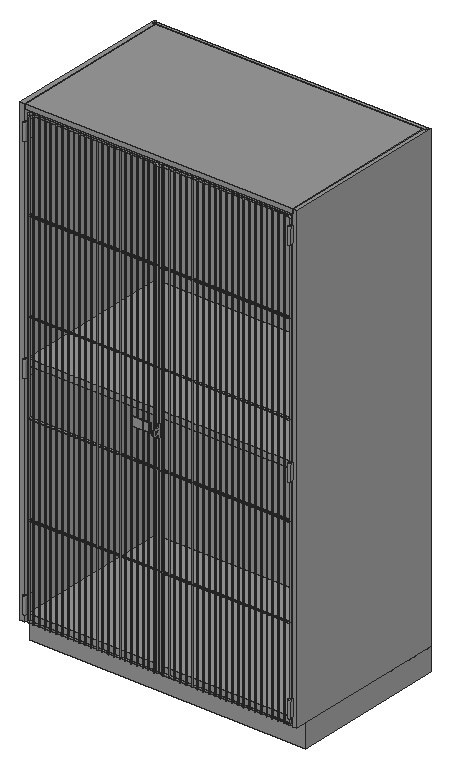
Revit family "TMI_M3036-Music_WireDoors1", category Casework, Revit 2016
Family settings
  OmniClass Number = 23.40.35.14.11
  OmniClass Title = Modular Casework
  Work Plane-Based = No
  Always vertical = Yes
  Cut with Voids When Loaded = No
  Shared = No
  Room Calculation Point = No
Parameters (values of type "48" x 84-1/2" x 29"")
  URL = "www.tmisystems.com"
  Toe Kick Height = 4"
  Toe Kick Depth = 2"
  Shelf Thickness = 1 1/8"
  Model = "M3036/M5036"
  Manufacturer = "TMI Systems Corporation"
  Interior Finish = none
  Individual Wire Grille Doors [instance] = not(Full Height Wire Grille Door)  # no
  Full Height Wire Grille Door [instance] = yes
  Filler Width (Left) [instance] = 3"
  Filler Right [instance] = no
  Filler Left [instance] = no
  Filler Width (Right) [instance] = 3"
  Description = "Bass Drums, Field Drums, Parade Drums, Snare Drums, Tri-Toms, Quads, Tuba, Sousaphone"
  Depth = 29"
  Height = 84 1/2"
  Width = 48"
  Casework Thickness = 3/4"
  Casework Back Thickness = 1/2"
  Cabinet Finish = Plastic Laminate
  Assembly Code = ""
Types (2): name | Depth
  48" x 84-1/2" x 29" | 29"
  48" x 84-1/2" x 39" | 39"
Reference planes (in)
  plane 1 "Back": y = 15
  plane 2: z = 0
  plane 3 "Center (Left/Right)": x = 0.7377
  plane 4 "Left": x = -23.2623
  plane 5 "Right": x = 24.7377
  plane 6 "Front": y = -14
  plane 7 "Top": z = 84.5
  plane 8: y = 14.375
  plane 9: x = -22.5123
  plane 10: x = 23.9877
  plane 11: z = 83.75
  plane 12: y = 14.875
  plane 13: y = -12
  plane 14: z = 4
  plane 15: z = 5.125
  plane 16: y = -13.61906
  plane 17: y = -11.25
  plane 18: y = -13.25
  plane 19: y = -13.49461
  plane 20: z = 42.25
  plane 21: z = 83.25
  plane 22: x = 24.3627
  plane 23: x = -22.8873
  plane 24: z = 44.8125
  plane 25: y = -13.60344
  plane 26: z = 23.64062
  plane 27: z = 63.625
  plane 28: z = 63.625
  plane 29: x = -0.5748
  plane 30: z = 64.375
  plane 31: z = 24.38974
  plane 32: y = -14.125
  plane 33: z = 42.5625
Forms (in)
  Extrusion 1, solid, material "Plastic Laminate" <- "Cabinet Finish"
    sketch origin (0, 0.21844, 0) x (1, 0, 0) y (0, 1, 0)
      loop
        line (-23.2623, 14.78156) -> (-23.2623, -14.21844) -> (-22.5123, -14.21844) -> (-22.5123, 14.15656) -> (-22.88677, 14.15656) -> (-22.88677, 14.78156) -> (-23.2623, 14.78156)
      loop
        line (24.36077, 14.78156) -> (24.36077, 14.15656) -> (23.9877, 14.15656) -> (23.9877, -14.21844) -> (24.7377, -14.21844) -> (24.7377, 14.78156) -> (24.36077, 14.78156)
    from 4 to 84.5
  Extrusion 2, solid, material "Plastic Laminate" <- "Cabinet Finish"
    sketch origin (0.84915, 11.94613, -1.44731) x (1, 0, 0) y (0, 0, 1)
      loop
        line (-23.36145, 6.57231) -> (-23.36145, 5.44731) -> (23.13855, 5.44731) -> (23.13855, 6.57231) -> (-23.36145, 6.57231)
    from -2.42887 to 25.54956
  Extrusion 3, solid, material "Plastic Laminate" <- "Cabinet Finish"
    sketch origin (0, 0, 0) x (1, 0, 0) y (0, 1, 0)
      loop
        line (-22.88677, 14.875) -> (-22.88677, 14.375) -> (24.36077, 14.375) -> (24.36077, 14.875) -> (-22.88677, 14.875)
    from 84.5 to 4
  Extrusion 4, solid, material "Plastic Laminate" <- "Cabinet Finish", visible <- "Filler Right"
    sketch origin (0, -14, 0) x (1, 0, 0) y (0, 0, 1)
      loop
        line (24.7377, 84.5) -> (24.7377, 4) -> (27.7377, 4) -> (27.7377, 84.5) -> (24.7377, 84.5)
    from -0.75 to 0
  Extrusion 5, solid, material "Plastic Laminate" <- "Cabinet Finish", visible <- "Filler Left"
    sketch origin (0, -14, 0) x (1, 0, 0) y (0, 0, 1)
      loop
        line (-26.2623, 84.5) -> (-26.2623, 4) -> (-23.2623, 4) -> (-23.2623, 84.5) -> (-26.2623, 84.5)
    from -0.75 to 0
  Extrusion 6, solid, material "Wood"
    sketch origin (0, 0, 0) x (1, 0, 0) y (0, 0, 1)
      loop
        line (24.7377, 4) -> (-23.2623, 4) -> (-23.2623, 0) -> (24.7377, 0) -> (24.7377, 4)
    from -15 to 12
  Extrusion 7, solid, material "Wood", visible <- "Filler Right"
    sketch origin (0, 0, 0) x (1, 0, 0) y (0, 0, 1)
      loop
        line (27.7377, 4) -> (24.7377, 4) -> (24.7377, 0) -> (27.7377, 0) -> (27.7377, 4)
    from 11.25 to 12
  Extrusion 8, solid, material "Wood", visible <- "Filler Left"
    sketch origin (0, 0, 0) x (1, 0, 0) y (0, 0, 1)
      loop
        line (-23.2623, 4) -> (-26.2623, 4) -> (-26.2623, 0) -> (-23.2623, 0) -> (-23.2623, 4)
    from 11.25 to 12
  Extrusion 9, solid, material "Plastic Laminate" <- "Cabinet Finish"
    sketch origin (0, -14, 0) x (1, 0, 0) y (0, 0, 1)
      loop
        line (-22.5123, 43.6875) -> (23.9877, 43.6875) -> (23.9877, 44.8125) -> (-22.5123, 44.8125) -> (-22.5123, 43.6875)
    from -28.375 to -0.50539
  Extrusion 10, solid, material "Plastic Laminate" <- "Cabinet Finish"
    sketch origin (0, 15, 0) x (1, 0, 0) y (0, 0, 1)
      loop
        line (-22.5123, 84.5) -> (-22.5123, 83.75) -> (23.9877, 83.75) -> (23.9877, 84.5) -> (-22.5123, 84.5)
    from 0.625 to 29
  Extrusion 11, solid, visible <- "Individual Wire Grille Doors"
    sketch origin (-34.45617, -15.63419, -14.17188) x (1, 0, 0) y (0, 0, 1)
      loop
        line (30.69388, 38.5625) -> (30.69388, 37.0625) -> (33.88138, 37.0625) -> (33.88138, 38.5625) -> (30.69388, 38.5625)
    from -1.63419 to -1.50919
  Extrusion 12, solid, visible <- "Individual Wire Grille Doors"
    sketch origin (-11.20617, 0, 25.8125) x (1, 0, 0) y (0, 0, 1)
      loop
        line (7.44388, 38.5625) -> (7.44388, 37.0625) -> (10.63138, 37.0625) -> (10.63138, 38.5625) -> (7.44388, 38.5625)
    from 14 to 14.125
  Extrusion 13, solid, material "Acetal Resin, Black", visible <- "Full Height Wire Grille Door"
    sketch origin (0, -14, 0) x (1, 0, 0) y (0, 0, 1)
      loop
        line (-3.7623, 42.5625) -> (-3.7623, 41.06161) -> (-0.5748, 41.06161) -> (-0.5748, 42.5625) -> (-3.7623, 42.5625)
    from 0 to 0.125
Lines and regions (in)
  Masking region 1
    outline origin (44.5, 0, 0) x (1, 0, 0) y (0, 1, 0)
      loop
        line (-67.7623, 15) -> (-67.7623, -14) -> (-19.7623, -14) -> (-19.7623, 15) -> (-67.7623, 15)
  Masking region 2, visible <- "Filler Left"
    outline origin (0, 0, 0) x (1, 0, 0) y (0, 1, 0)
      loop
        line (-26.2623, -13.25) -> (-26.2623, -14) -> (-23.2623, -14) -> (-23.2623, -13.25) -> (-26.2623, -13.25)
  Masking region 3, visible <- "Filler Right"
    outline origin (0, 0, 0) x (1, 0, 0) y (0, 1, 0)
      loop
        line (24.7377, -13.25) -> (24.7377, -14) -> (27.7377, -14) -> (27.7377, -13.25) -> (24.7377, -13.25)
  symbolic lines, style "CaseworkHiddenLines"
    curve 1: line (-0.1998, -14, 0) -> (-0.3248, -14, 0)
    curve 2: line (1.9252, -14, 0) -> (2.0502, -14, 0)
Dimensions and locks (in)
  "Width": plane 4 "Left" to plane 5 "Right"
  equal spacing: plane 4 "Left", plane 3 "Center (Left/Right)", plane 5 "Right"
  "Casework Thickness": plane 4 "Left" to plane 9
  "Casework Thickness": plane 10 to plane 5 "Right"
  "Casework Thickness": plane 7 "Top" to plane 11
  "Filler Width (Right)": plane 5 "Right" to Extrusion 4
  "Filler Width (Left)": Extrusion 5 to plane 4 "Left"
  "Depth": plane 6 "Front" to plane 1 "Back"
  locked: plane 12 to plane 1 "Back" at 0.125
  "Toe Kick Depth": plane 13 to plane 6 "Front"
  "Toe Kick Height": plane 14 to level
  "Height": plane 7 "Top" to level
  locked: plane 6 "Front" to plane 16 at 0.38094
  locked: plane 6 "Front" to plane 18 at 0.75
  locked: plane 17 to plane 13 at 0.75
  plane 16 to plane 19 = 0.12445"
  equal spacing: plane 7 "Top", plane 20, plane 2
  locked: plane 11 to plane 21 at 0.5
  "Shelf Thickness": plane 15 to plane 14
  equal spacing: plane 7 "Top", plane 24, plane 15
  equal spacing: plane 4 "Left", plane 23, plane 9
  equal spacing: plane 10, plane 22, plane 5 "Right"
  "Casework Back Thickness": plane 12 to plane 8
  equal spacing: plane 23, plane 3 "Center (Left/Right)", plane 22
  "Shelf Thickness": plane 24 to Extrusion 9
  locked: plane 16 to plane 25 at 0.01562
  equal spacing: Extrusion 11 sketch curve, plane 26, Extrusion 11 sketch curve
  locked: Extrusion 11 sketch curve to Extrusion 11 sketch curve at 1.5
  locked: Extrusion 11 sketch curve to Extrusion 11 sketch curve at 3.1875
  equal spacing: Extrusion 12 sketch curve, plane 27, Extrusion 12 sketch curve
  locked: Extrusion 12 sketch curve to Extrusion 12 sketch curve at 1.5
  locked: Extrusion 12 sketch curve to Extrusion 12 sketch curve at 3.1875
  equal spacing: plane 21, plane 28, nested 4
  locked: plane 3 "Center (Left/Right)" to plane 29 at 1.3125
  locked: plane 30 to plane 28 at 0.75
  locked: plane 32 to plane 6 "Front" at 0.125
  locked: plane 31 to plane 14 at 20.38974
  locked: plane 33 to plane 14 at 38.5625
  locked: plane 29 to Extrusion 13 at 3.1875
  locked: plane 33 to Extrusion 13 at 1.50089
  aligned and locked: plane 2 to level
  aligned and locked: Extrusion 1 sketch curve to plane 4 "Left"
  aligned and locked: Extrusion 1 sketch curve to plane 9
  aligned and locked: Extrusion 1 sketch curve to plane 10
  aligned and locked: Extrusion 1 sketch curve to plane 5 "Right"
  aligned and locked: plane 1 "Back" to Extrusion 1
  aligned and locked: Extrusion 1 to plane 1 "Back"
  aligned and locked: Extrusion 3 sketch curve to plane 8
  aligned and locked: Extrusion 1 to plane 7 "Top"
  aligned and locked: plane 7 "Top" to Extrusion 4 sketch curve
  aligned and locked: Extrusion 4 sketch curve to plane 5 "Right"
  aligned and locked: Extrusion 5 sketch curve to plane 7 "Top"
  aligned and locked: Extrusion 7 to Extrusion 6
  aligned and locked: Extrusion 8 to Extrusion 6
  aligned and locked: plane 14 to Extrusion 8
  aligned and locked: Extrusion 6 to plane 14
  aligned and locked: Extrusion 7 to plane 14
  aligned and locked: plane 14 to Extrusion 4
  aligned and locked: Extrusion 5 to plane 14
  aligned and locked: Extrusion 1 to plane 14
  aligned and locked: Extrusion 2 to plane 14
  aligned and locked: Extrusion 2 to plane 15
  aligned and locked: Extrusion 6 to Extrusion 1
  aligned and locked: Masking region 1 sketch curve to plane 1 "Back"
  aligned and locked: Extrusion 8 to plane 13
  aligned and locked: Extrusion 9 to plane 8
  aligned and locked: plane 4 "Left" to Masking region 2 sketch curve
  aligned and locked: Masking region 3 sketch curve to plane 5 "Right"
  aligned and locked: plane 6 "Front" to Extrusion 1  (x2)
  aligned and locked: plane 6 "Front" to Extrusion 4
  aligned and locked: plane 6 "Front" to Extrusion 5
  aligned and locked: Extrusion 7 to plane 17
  aligned and locked: Extrusion 4 to plane 18
  aligned and locked: plane 18 to Extrusion 5
  aligned and locked: plane 17 to Extrusion 8
  aligned and locked: Extrusion 8 to Extrusion 5
  aligned and locked: Masking region 2 to Extrusion 5
  aligned and locked: plane 18 to Masking region 2
  aligned and locked: Extrusion 4 to Extrusion 7
  aligned and locked: Masking region 3 to Extrusion 4
  aligned and locked: Masking region 3 to plane 18
  aligned and locked: Extrusion 2 to plane 9
  aligned and locked: Extrusion 9 to plane 19
  aligned and locked: Extrusion 2 to plane 10
  aligned and locked: Extrusion 10 sketch curve to plane 11
  aligned and locked: plane 9 to Extrusion 10 sketch curve
  aligned and locked: Extrusion 10 sketch curve to plane 10
  aligned and locked: plane 6 "Front" to Extrusion 10
  aligned and locked: plane 9 to Extrusion 1
  aligned and locked: plane 6 "Front" to Masking region 1
  aligned and locked: Extrusion 10 to plane 7 "Top"
  aligned and locked: Extrusion 10 to plane 8
  aligned and locked: Extrusion 3 to Extrusion 1  (x2)
  aligned and locked: plane 8 to Extrusion 2
  aligned and locked: Extrusion 3 to plane 14
  aligned and locked: Extrusion 3 to plane 7 "Top"
  aligned and locked: plane 10 to Extrusion 9 sketch curve
  aligned and locked: Extrusion 9 sketch curve to plane 9
  aligned and locked: Extrusion 9 sketch curve to plane 24
  aligned and locked: Extrusion 2 to plane 25
  aligned and locked: nested 1 to plane 6 "Front"
  aligned and locked: plane 6 "Front" to nested 2
  aligned and locked: nested 2 to plane 10
  aligned and locked: plane 9 to nested 1
  aligned and locked: plane 21 to nested 1
  aligned and locked: nested 2 to plane 21
  aligned and locked: nested 3 to plane 14  (x2)
  aligned and locked: nested 4 to plane 6 "Front"
  aligned and locked: nested 3 to plane 6 "Front"
  aligned and locked: plane 6 "Front" to nested 6
  aligned and locked: plane 6 "Front" to nested 5
  aligned and locked: plane 14 to nested 5
  aligned and locked: plane 9 to nested 3
  aligned and locked: nested 5 to plane 10  (x2)
  aligned and locked: plane 9 to nested 4
  aligned and locked: nested 6 to plane 10
  aligned and locked: nested 6 to plane 21
  aligned and locked: plane 21 to nested 4
  aligned and locked: plane 29 to Extrusion 12
  aligned and locked: Extrusion 12 to plane 30
  aligned and locked: plane 29 to Extrusion 11
  aligned and locked: Extrusion 11 to plane 6 "Front"
  aligned and locked: Extrusion 11 to plane 32
  aligned and locked: Extrusion 12 to plane 6 "Front"
  aligned and locked: Extrusion 12 to plane 32
  aligned and locked: plane 29 to Extrusion 13
  aligned and locked: Extrusion 13 to plane 33
  aligned and locked: Extrusion 13 to Extrusion 11
  aligned and locked: Extrusion 13 to plane 32
  aligned and locked: Extrusion 13 to plane 6 "Front"
Automatic sketch dimensions
  curve 1 to level = 0"
  curve 2 to level = 0"
  curve 1 to curve 1 = 1/8"
  curve 2 to curve 2 = 1/8"
  plane 3 "Center (Left/Right)" to curve 2 = 1 3/16"
  curve 1 to plane 3 "Center (Left/Right)" = 15/16"
  Extrusion 1 sketch curve to plane 1 "Back" = 0"
  Extrusion 1 sketch curve to plane 8 = 0"
  plane 1 "Back" to Extrusion 1 sketch curve = 0"
  plane 8 to Extrusion 1 sketch curve = 0"
  plane 6 "Front" to Extrusion 1 sketch curve = 0"  (x2)
  Extrusion 1 sketch curve to plane 23 = 0.00052"
  plane 22 to Extrusion 1 sketch curve = 0.00194"
  Extrusion 2 sketch curve to plane 9 = 0"
  plane 10 to Extrusion 2 sketch curve = 0"
  Extrusion 2 sketch curve to plane 14 = 0"
  Extrusion 2 sketch curve to plane 15 = 0"
  Extrusion 3 sketch curve to plane 12 = 0"
  Extrusion 3 sketch curve to plane 23 = 0.00052"
  plane 22 to Extrusion 3 sketch curve = 0.00194"
  Extrusion 4 sketch curve to plane 14 = 0"
  Extrusion 4 sketch curve to plane 5 "Right" = 3"
  Extrusion 5 sketch curve to plane 14 = 0"
  plane 4 "Left" to Extrusion 5 sketch curve = 0"
  Extrusion 5 sketch curve to Extrusion 5 sketch curve = 3"
  plane 4 "Left" to Extrusion 6 sketch curve = 0"
  Extrusion 6 sketch curve to level = 0"
  plane 5 "Right" to Extrusion 6 sketch curve = 0"
  Extrusion 6 sketch curve to plane 14 = 0"
  plane 5 "Right" to Extrusion 7 sketch curve = 0"
  Extrusion 7 sketch curve to level = 0"
  Extrusion 7 sketch curve to plane 14 = 0"
  Extrusion 7 sketch curve to plane 5 "Right" = 3"
  Extrusion 8 sketch curve to plane 14 = 0"
  Extrusion 8 sketch curve to level = 0"
  plane 4 "Left" to Extrusion 8 sketch curve = 0"
  Extrusion 8 sketch curve to Extrusion 8 sketch curve = 3"
  Masking region 1 sketch curve to plane 4 "Left" = 0"
  Masking region 1 sketch curve to plane 5 "Right" = 0"
  plane 6 "Front" to Masking region 1 sketch curve = 0"
  Extrusion 9 sketch curve to plane 24 = 1 1/8"
  plane 6 "Front" to Masking region 2 sketch curve = 0"
  Masking region 2 sketch curve to plane 18 = 0"
  plane 4 "Left" to Masking region 2 sketch curve = 3"
  plane 6 "Front" to Masking region 3 sketch curve = 0"
  plane 18 to Masking region 3 sketch curve = 0"
  Masking region 3 sketch curve to Masking region 3 sketch curve = 3"
  Extrusion 10 sketch curve to plane 7 "Top" = 0"
  Extrusion 11 sketch curve to plane 29 = 0"
  Extrusion 12 sketch curve to plane 29 = 0"
  Extrusion 13 sketch curve to plane 33 = 0"
  Extrusion 13 sketch curve to plane 29 = 0"
  Extrusion 13 sketch curve to plane 29 = 3 3/16"
  Extrusion 13 sketch curve to plane 20 = 1.18839"
Nested families (in)
  nested 1: "Full Height Wire Grille Door 48in Wide (2 Doors)" at (-10.76315, -13.76369, 4), visible <- "Full Height Wire Grille Door", type "Full Height Wire Grille Door 48in Wide (2 Doors)"
    with Number of Verticle Bars 22, Bar Spacing 1"
  nested 2: "Full Height Wire Grille Door 48in Wide (2 Doors)" at (12.23856, -13.76369, 4) x (-1, 0, 0) z (0, 0, 1), visible <- "Full Height Wire Grille Door", type "Full Height Wire Grille Door 48in Wide (2 Doors)"
    with Number of Verticle Bars 22, Bar Spacing 1"
  nested 3: "Individual Wire Grille Door 48in Wide (4 Doors)" at (-10.76315, -13.76369, 4), visible <- "Individual Wire Grille Doors", type "Individual Wire Grille Door 48in Wide (4 Doors)"
    with Number of Verticle Bars 22, Bar Spacing 1"
  nested 4: "Individual Wire Grille Door 48in Wide (4 Doors)" at (-10.76315, -13.76369, 44), visible <- "Individual Wire Grille Doors", type "Individual Wire Grille Door 48in Wide (4 Doors)"
    with Number of Verticle Bars 22, Bar Spacing 1"
  nested 5: "Individual Wire Grille Door 48in Wide (4 Doors)" at (12.23856, -13.76369, 4) x (-1, 0, 0) z (0, 0, 1), visible <- "Individual Wire Grille Doors", type "Individual Wire Grille Door 48in Wide (4 Doors)"
    with Number of Verticle Bars 22, Bar Spacing 1"
  nested 6: "Individual Wire Grille Door 48in Wide (4 Doors)" at (12.23856, -13.76369, 44) x (-1, 0, 0) z (0, 0, 1), visible <- "Individual Wire Grille Doors", type "Individual Wire Grille Door 48in Wide (4 Doors)"
    with Number of Verticle Bars 22, Bar Spacing 1"
Definition of nested family "Full Height Wire Grille Door 48in Wide (2 Doors)"
  Parameters (values of type "Full Height Wire Grille Door 48in Wide (2 Doors)")
    Width = 22 1/2"
    Pull height from Bottom of Casework = 37 13/16"
    Number of Verticle Bars [instance] = (Width / Bar Spacing) - 1  # 22
    Height = 79 1/4"
    Distance of Hinge from Edge of Casework = 2 13/16"
    Bar Spacing [instance] = 1"
  Reference planes (in)
    plane 1 "Center (Front/Back)": y = 0
    plane 2: z = 0
    plane 3 "Center (Left/Right)": x = 0
    plane 4: x = -11.37415
    plane 5: x = -11.12585
    plane 6: z = 79.25
    plane 7: z = 79
    plane 8: z = 79.125
    plane 9: x = -11.25
    plane 10: x = 11.38138
    plane 11: x = 11.11862
    plane 12: x = 11.25
    plane 13: z = 0.25
    plane 14: z = 0.125
    plane 15: y = -0.125
    plane 16: z = 39.625
    plane 17: z = 47.525
    plane 18: z = 63.325
    plane 19: z = 31.725
    plane 20: z = 15.925
    plane 21: y = -0.17188
    plane 22: x = -10.25
    plane 23: y = 0.28516
    plane 24: y = -0.23631
    plane 25: z = 37.8125
    plane 26: z = 2.8125
    plane 27: z = 76.4375
    plane 28: z = 38.9375
    plane 29: x = -10.25
    plane 30: y = -0.17188
    plane 31: x = -9.25
    plane 32: y = -0.17188
    plane 33: x = -8.25
    plane 34: y = -0.17188
    plane 35: x = -7.25
    plane 36: y = -0.17188
    plane 37: x = -6.25
    plane 38: y = -0.17188
    plane 39: x = -5.25
    plane 40: y = -0.17188
    plane 41: x = -4.25
    plane 42: y = -0.17188
    plane 43: x = -3.25
    plane 44: y = -0.17188
    plane 45: x = -2.25
    plane 46: y = -0.17188
    plane 47: x = -1.25
    plane 48: y = -0.17188
    plane 49: x = -0.25
    plane 50: y = -0.17188
    plane 51: x = 0.75
    plane 52: y = -0.17188
    plane 53: x = 1.75
    plane 54: y = -0.17188
    plane 55: x = 2.75
    plane 56: y = -0.17188
    plane 57: x = 3.75
    plane 58: y = -0.17188
    plane 59: x = 4.75
    plane 60: y = -0.17188
    plane 61: x = 5.75
    plane 62: y = -0.17188
    plane 63: x = 6.75
    plane 64: y = -0.17188
    plane 65: x = 7.75
    plane 66: y = -0.17188
    plane 67: x = 8.75
    plane 68: y = -0.17188
    plane 69: x = 9.75
    plane 70: y = -0.17188
    plane 71: x = 10.75
    plane 72: y = -0.17188
  Forms (in)
    Sweep 1, solid
      path origin (0, 0, 0) x (1, 0, 0) y (0, 0, 1)
        loop
          arc (-11, 79.125) -> (-11.17678, 79.05178) -> (-11.25, 78.875) r 0.25
          line (-11.25, 78.875) -> (-11.25, 0.375)
          arc (-11.25, 0.375) -> (-11.17678, 0.19822) -> (-11, 0.125) r 0.25
          line (-11, 0.125) -> (11, 0.125)
          arc (11, 0.125) -> (11.17678, 0.19822) -> (11.25, 0.375) r 0.25
          line (11.25, 0.375) -> (11.25, 78.875)
          arc (11.25, 78.875) -> (11.17678, 79.05178) -> (11, 79.125) r 0.25
          line (11, 79.125) -> (-11, 79.125)
      profile "4 Circle : 4 Circle" origin (0, 0, 79.125) x (0, 0, 1) y (0, -1, 0)
        loop
          circle (0, 0) r 0.125
    Extrusion 2, solid
      sketch origin (0, 0, 0) x (0, 1, 0) y (0, 0, 1)
        loop
          circle (0, 63.325) r 0.125
        loop
          circle (0, 47.525) r 0.125
        loop
          circle (0, 15.925) r 0.125
        loop
          circle (0, 31.725) r 0.125
      from -11.25 to 11.25
    Extrusion 3, solid
      sketch origin (0, 0, 0) x (1, 0, 0) y (0, 1, 0)
        loop
          circle (-10.25, -0.17188) r 0.06444
      from 0 to 79.25
    Extrusion 4, solid
      sketch origin (1, 0, 0) x (1, 0, 0) y (0, 1, 0)
        loop
          circle (-10.25, -0.17188) r 0.06444
      from 0 to 79.25
    Extrusion 5, solid
      sketch origin (2, 0, 0) x (1, 0, 0) y (0, 1, 0)
        loop
          circle (-10.25, -0.17188) r 0.06444
      from 0 to 79.25
    Extrusion 6, solid
      sketch origin (3, 0, 0) x (1, 0, 0) y (0, 1, 0)
        loop
          circle (-10.25, -0.17188) r 0.06444
      from 0 to 79.25
    Extrusion 7, solid
      sketch origin (4, 0, 0) x (1, 0, 0) y (0, 1, 0)
        loop
          circle (-10.25, -0.17188) r 0.06444
      from 0 to 79.25
    Extrusion 8, solid
      sketch origin (5, 0, 0) x (1, 0, 0) y (0, 1, 0)
        loop
          circle (-10.25, -0.17188) r 0.06444
      from 0 to 79.25
    Extrusion 9, solid
      sketch origin (6, 0, 0) x (1, 0, 0) y (0, 1, 0)
        loop
          circle (-10.25, -0.17188) r 0.06444
      from 0 to 79.25
    Extrusion 10, solid
      sketch origin (7, 0, 0) x (1, 0, 0) y (0, 1, 0)
        loop
          circle (-10.25, -0.17188) r 0.06444
      from 0 to 79.25
    Extrusion 11, solid
      sketch origin (8, 0, 0) x (1, 0, 0) y (0, 1, 0)
        loop
          circle (-10.25, -0.17188) r 0.06444
      from 0 to 79.25
    Extrusion 12, solid
      sketch origin (9, 0, 0) x (1, 0, 0) y (0, 1, 0)
        loop
          circle (-10.25, -0.17188) r 0.06444
      from 0 to 79.25
    Extrusion 13, solid
      sketch origin (10, 0, 0) x (1, 0, 0) y (0, 1, 0)
        loop
          circle (-10.25, -0.17188) r 0.06444
      from 0 to 79.25
    Extrusion 14, solid
      sketch origin (11, 0, 0) x (1, 0, 0) y (0, 1, 0)
        loop
          circle (-10.25, -0.17188) r 0.06444
      from 0 to 79.25
    Extrusion 15, solid
      sketch origin (12, 0, 0) x (1, 0, 0) y (0, 1, 0)
        loop
          circle (-10.25, -0.17188) r 0.06444
      from 0 to 79.25
    Extrusion 16, solid
      sketch origin (13, 0, 0) x (1, 0, 0) y (0, 1, 0)
        loop
          circle (-10.25, -0.17188) r 0.06444
      from 0 to 79.25
    Extrusion 17, solid
      sketch origin (14, 0, 0) x (1, 0, 0) y (0, 1, 0)
        loop
          circle (-10.25, -0.17188) r 0.06444
      from 0 to 79.25
    Extrusion 18, solid
      sketch origin (15, 0, 0) x (1, 0, 0) y (0, 1, 0)
        loop
          circle (-10.25, -0.17188) r 0.06444
      from 0 to 79.25
    Extrusion 19, solid
      sketch origin (16, 0, 0) x (1, 0, 0) y (0, 1, 0)
        loop
          circle (-10.25, -0.17188) r 0.06444
      from 0 to 79.25
    Extrusion 20, solid
      sketch origin (17, 0, 0) x (1, 0, 0) y (0, 1, 0)
        loop
          circle (-10.25, -0.17188) r 0.06444
      from 0 to 79.25
    Extrusion 21, solid
      sketch origin (18, 0, 0) x (1, 0, 0) y (0, 1, 0)
        loop
          circle (-10.25, -0.17188) r 0.06444
      from 0 to 79.25
    Extrusion 22, solid
      sketch origin (19, 0, 0) x (1, 0, 0) y (0, 1, 0)
        loop
          circle (-10.25, -0.17188) r 0.06444
      from 0 to 79.25
    Extrusion 23, solid
      sketch origin (20, 0, 0) x (1, 0, 0) y (0, 1, 0)
        loop
          circle (-10.25, -0.17188) r 0.06444
      from 0 to 79.25
    Extrusion 24, solid
      sketch origin (21, 0, 0) x (1, 0, 0) y (0, 1, 0)
        loop
          circle (-10.25, -0.17188) r 0.06444
      from 0 to 79.25
  Lines and regions (in)
    model lines
      curve 1: line (11.27951, 0, 79.125) -> (-11.25002, 0, 39.625)
      curve 2: line (-11.25002, 0, 39.625) -> (11.25, 0, 0.125)
  Dimensions and locks (in)
    locked: plane 6 to plane 7 at 0.25
    equal spacing: plane 6, plane 8, plane 7
    equal spacing: plane 4, plane 9, plane 5
    locked: plane 4 to plane 5 at 0.24829
    equal spacing: plane 10, plane 12, plane 11
    plane 10 to plane 11 = 0.26276"
    equal spacing: plane 13, plane 14, plane 2
    locked: plane 13 to plane 2 at 0.25
    equal spacing: plane 12, plane 3 "Center (Left/Right)", plane 9
    locked: plane 15 to plane 1 "Center (Front/Back)" at 0.125
    "Width": plane 12 to plane 9
    "Height": plane 6 to plane 2
    plane 8 to plane 14 = 79"
    equal spacing: plane 8, plane 18, plane 17, plane 19, plane 20, plane 14
    "Bar Spacing": plane 9 to plane 22
    locked: plane 15 to plane 21 at 0.04688
    plane 1 "Center (Front/Back)" to plane 23 = 73/256"
    locked: plane 21 to plane 24 at 0.06444
    "Pull height from Bottom of Casework": plane 25 to plane 2
    "Distance of Hinge from Edge of Casework": plane 6 to plane 27
    "Distance of Hinge from Edge of Casework": plane 26 to plane 2
    equal spacing: plane 6, plane 16, level
    locked: plane 28 to plane 25 at 1.125
    equal spacing: group 1, group 2, group 3, group 4, group 5, group 6, group 7, group 8, group 9, group 10, group 11, group 12, group 13, group 14, group 15, group 16, group 17, group 18, group 19, group 20, group 21, group 22  (x3)
    aligned and locked: plane 2 to level
    aligned and locked: Sweep 1 sketch curve to plane 12
    aligned and locked: Sweep 1 sketch curve to plane 8
    aligned and locked: plane 9 to Sweep 1 sketch curve
    aligned and locked: plane 14 to Sweep 1 sketch curve
    aligned and locked: Extrusion 2 to plane 12
    aligned and locked: Extrusion 2 to plane 9
    aligned and locked: nested 1 to plane 10
    aligned and locked: plane 23 to nested 1
    aligned and locked: plane 10 to nested 1
    aligned and locked: nested 2 to plane 4
    aligned and locked: plane 24 to nested 2
    aligned and locked: nested 2 to plane 27
    aligned and locked: nested 3 to plane 4
    aligned and locked: plane 24 to nested 3
    aligned and locked: nested 3 to plane 26
    aligned and locked: nested 4 to plane 4
    aligned and locked: nested 4 to plane 16
    aligned and locked: plane 24 to nested 4
    aligned and locked: nested 1 to plane 28
    aligned and locked: Extrusion 3 to level
    aligned and locked: plane 6 to Extrusion 3
  Automatic sketch dimensions
    plane 5 to Sweep 1 sketch curve = 0.12585"
    Sweep 1 sketch curve to Sweep 1 sketch curve = 1/4"  (x2)
    plane 11 to Sweep 1 sketch curve = 0.11862"
    Extrusion 2 sketch curve to plane 1 "Center (Front/Back)" = 0"  (x4)
    Extrusion 2 sketch curve to plane 20 = 0"
    Extrusion 2 sketch curve to plane 19 = 0"
    Extrusion 2 sketch curve to plane 17 = 0"
    Extrusion 2 sketch curve to plane 18 = 0"
    curve 2 to plane 16 = 0"
    plane 12 to curve 2 = 0"
    curve 1 to plane 8 = 0"
    curve 2 to plane 14 = 0"
    curve 2 to plane 9 = 0"
    curve 1 to plane 12 = 0.02951"
    Extrusion 3 sketch curve to plane 29 = 0"
    Extrusion 3 sketch curve to plane 30 = 0"
    Extrusion 4 sketch curve to plane 31 = 0"
    Extrusion 4 sketch curve to plane 32 = 0"
    Extrusion 5 sketch curve to plane 33 = 0"
    Extrusion 5 sketch curve to plane 34 = 0"
    Extrusion 6 sketch curve to plane 35 = 0"
    Extrusion 6 sketch curve to plane 36 = 0"
    Extrusion 7 sketch curve to plane 37 = 0"
    Extrusion 7 sketch curve to plane 38 = 0"
    Extrusion 8 sketch curve to plane 39 = 0"
    Extrusion 8 sketch curve to plane 40 = 0"
    Extrusion 9 sketch curve to plane 41 = 0"
    Extrusion 9 sketch curve to plane 42 = 0"
    Extrusion 10 sketch curve to plane 43 = 0"
    Extrusion 10 sketch curve to plane 44 = 0"
    Extrusion 11 sketch curve to plane 45 = 0"
    Extrusion 11 sketch curve to plane 46 = 0"
    Extrusion 12 sketch curve to plane 47 = 0"
    Extrusion 12 sketch curve to plane 48 = 0"
    Extrusion 13 sketch curve to plane 49 = 0"
    Extrusion 13 sketch curve to plane 50 = 0"
    Extrusion 14 sketch curve to plane 51 = 0"
    Extrusion 14 sketch curve to plane 52 = 0"
    Extrusion 15 sketch curve to plane 53 = 0"
    Extrusion 15 sketch curve to plane 54 = 0"
    Extrusion 16 sketch curve to plane 55 = 0"
    Extrusion 16 sketch curve to plane 56 = 0"
    Extrusion 17 sketch curve to plane 57 = 0"
    Extrusion 17 sketch curve to plane 58 = 0"
    Extrusion 18 sketch curve to plane 59 = 0"
    Extrusion 18 sketch curve to plane 60 = 0"
    Extrusion 19 sketch curve to plane 61 = 0"
    Extrusion 19 sketch curve to plane 62 = 0"
    Extrusion 20 sketch curve to plane 63 = 0"
    Extrusion 20 sketch curve to plane 64 = 0"
    Extrusion 21 sketch curve to plane 65 = 0"
    Extrusion 21 sketch curve to plane 66 = 0"
    Extrusion 22 sketch curve to plane 67 = 0"
    Extrusion 22 sketch curve to plane 68 = 0"
    Extrusion 23 sketch curve to plane 69 = 0"
    Extrusion 23 sketch curve to plane 70 = 0"
    Extrusion 24 sketch curve to plane 71 = 0"
    Extrusion 24 sketch curve to plane 72 = 0"
    radius of Extrusion 2 sketch curve = 1/8"  (x4)
    radius of Extrusion 3 sketch curve = 0.06444"
    radius of Extrusion 4 sketch curve = 0.06444"
    radius of Extrusion 5 sketch curve = 0.06444"
    radius of Extrusion 6 sketch curve = 0.06444"
    radius of Extrusion 7 sketch curve = 0.06444"
    radius of Extrusion 8 sketch curve = 0.06444"
    radius of Extrusion 9 sketch curve = 0.06444"
    radius of Extrusion 10 sketch curve = 0.06444"
    radius of Extrusion 11 sketch curve = 0.06444"
    radius of Extrusion 12 sketch curve = 0.06444"
    radius of Extrusion 13 sketch curve = 0.06444"
    radius of Extrusion 14 sketch curve = 0.06444"
    radius of Extrusion 15 sketch curve = 0.06444"
    radius of Extrusion 16 sketch curve = 0.06444"
    radius of Extrusion 17 sketch curve = 0.06444"
    radius of Extrusion 18 sketch curve = 0.06444"
    radius of Extrusion 19 sketch curve = 0.06444"
    radius of Extrusion 20 sketch curve = 0.06444"
    radius of Extrusion 21 sketch curve = 0.06444"
    radius of Extrusion 22 sketch curve = 0.06444"
    radius of Extrusion 23 sketch curve = 0.06444"
    radius of Extrusion 24 sketch curve = 0.06444"
  Nested families (in)
    nested 1: "Pad Lock" at (11.38138, -0.33984, 37.8125), type "Pad Lock"
    nested 2: "5k hinge (music)" at (-11.5929, 0.76369, 75.03125) x (-1, 0, 0) z (0, 0, 1), type "5k hinge (music)"
      with Width 16"
    nested 3: "5k hinge (music)" at (-11.5929, 0.76369, 1.40625) x (-1, 0, 0) z (0, 0, 1), type "5k hinge (music)"
      with Width 16"
    nested 4: "5k hinge (music)" at (-11.5929, 0.76369, 38.21875) x (-1, 0, 0) z (0, 0, 1), type "5k hinge (music)"
      with Width 16"
  Definition of nested family "Pad Lock"
    Reference planes (in)
      plane 1 "Center (Front/Back)": y = 0
      plane 2: z = 0
      plane 3 "Center (Left/Right)": x = 0
      plane 4: z = 1.125
      plane 5: z = -1.125
      plane 6: y = -1.125
      plane 7: y = 0.625
      plane 8: y = -0.5625
      plane 9: x = 0.0625
    Forms (in)
      Extrusion 1, solid
        sketch origin (0, 0.00036, 0.01611) x (0, 0, 1) y (0, -1, 0)
          loop
            line (0.98389, 0) -> (0.56967, 0) -> (0.56967, 0.56286)
            arc (0.56967, 0.56286) -> (0, 1.13253) -> (-0.56967, 0.56286) r 0.56967
            line (-0.56967, 0.56286) -> (-0.56967, 0) -> (-1.01611, 0)
            arc (-1.01611, 0) -> (-1.1045, -0.03661) -> (-1.14111, -0.125) r 0.125
            line (-1.14111, -0.125) -> (-1.14111, -0.62464) -> (1.10889, -0.62464) -> (1.10889, -0.125)
            arc (1.10889, -0.125) -> (1.07227, -0.03661) -> (0.98389, 0) r 0.125
          loop
            circle (0, 0.56286) r 0.375
        from 0 to 0.0625
    Dimensions and locks (in)
      locked: plane 4 to plane 5 at 2.25
      locked: plane 6 to plane 7 at 1.75
      locked: plane 9 to plane 3 "Center (Left/Right)" at 0.0625
      equal spacing: plane 1 "Center (Front/Back)", plane 8, plane 6
      locked: plane 7 to plane 1 "Center (Front/Back)" at 0.625
      equal spacing: plane 5, plane 2, plane 4
      aligned and locked: plane 2 to level
      aligned and locked: plane 9 to Extrusion 1
    Automatic sketch dimensions
      Extrusion 1 sketch curve to Extrusion 1 sketch curve = 0"  (x2)
      Extrusion 1 sketch curve to plane 5 = 0"
      Extrusion 1 sketch curve to plane 8 = 0"
      plane 4 to Extrusion 1 sketch curve = 0"
      Extrusion 1 sketch curve to plane 7 = 0"
      Extrusion 1 sketch curve to plane 1 "Center (Front/Back)" = 0.00036"
      plane 5 to Extrusion 1 sketch curve = 1/8"
      Extrusion 1 sketch curve to level = 0.55355"
      level to Extrusion 1 sketch curve = 0.01611"
      Extrusion 1 sketch curve to Extrusion 1 sketch curve = 1/8"
      Extrusion 1 sketch curve to plane 1 "Center (Front/Back)" = 0.12536"
      radius of Extrusion 1 sketch curve = 3/8"
  Definition of nested family "5k hinge (music)"
    Parameters (values of type "5k hinge (music)")
      door thickness = 1"
      Width [instance] = 16"
      Hinge Distance from Door = 9/16"
      5K hinge size = 2 13/16"
    Reference planes (in)
      plane 1 "Center (Front/Back)": y = 0
      plane 2: z = 0
      plane 3 "Center (Left/Right)": x = 0
      plane 4: x = -0.15625
      plane 5: y = -1
      plane 6: y = -0.5
      plane 7: y = -1.5625
      plane 8: y = -1.28125
      plane 9: x = 0.15625
      plane 10: z = 2.8125
      plane 11: z = 1.40625
      plane 12: x = -0.21875
    Forms (in)
      Extrusion 1, solid
        sketch origin (-8.15625, 0, 0) x (1, 0, 0) y (0, 1, 0)
          loop
            line (8.15625, -1) -> (8.15625, -1.04949)
            arc (8.15625, -1.04949) -> (7.85521, -1.421) -> (8.3125, -1.28125) r 0.25
            line (8.3125, -1.28125) -> (8.3125, 0) -> (8.15625, 0) -> (7.9375, 0) -> (7.9375, -1) -> (8.15625, -1)
        from 0 to 2.8125
    Dimensions and locks (in)
      equal spacing: plane 1 "Center (Front/Back)", plane 6, plane 5
      "Hinge Distance from Door": plane 5 to plane 7
      equal spacing: plane 5, plane 8, plane 7
      "5K hinge size": plane 10 to plane 2
      "door thickness": plane 1 "Center (Front/Back)" to plane 5
      equal spacing: plane 10, plane 11, plane 2
      equal spacing: plane 4, plane 3 "Center (Left/Right)", plane 9
      plane 4 to plane 9 = 5/16"
      plane 12 to plane 4 = 1/16"
      aligned and locked: plane 2 to level
      aligned and locked: plane 5 to Extrusion 1 sketch curve
      aligned and locked: Extrusion 1 to plane 10
      aligned and locked: plane 9 to Extrusion 1
      aligned and locked: Extrusion 1 to plane 2
      aligned and locked: plane 12 to Extrusion 1 sketch curve
    Automatic sketch dimensions
      Extrusion 1 sketch curve to plane 8 = 0"
      plane 1 "Center (Front/Back)" to Extrusion 1 sketch curve = 0"
      Extrusion 1 sketch curve to plane 9 = 0"
      plane 4 to Extrusion 1 sketch curve = 1/16"
      Extrusion 1 sketch curve to plane 3 "Center (Left/Right)" = 0"  (x2)
Definition of nested family "Individual Wire Grille Door 48in Wide (4 Doors)"
  Parameters (values of type "Individual Wire Grille Door 48in Wide (4 Doors)")
    Width = 22 1/2"
    Pull height from Bottom of Casework = 33 13/16"
    Number of Verticle Bars [instance] = (Width / Bar Spacing) - 1  # 22
    Height = 39 1/4"
    Distance of Hinge from Edge of Casework = 2 13/16"
    Bar Spacing [instance] = 1"
  Reference planes (in)
    plane 1 "Center (Front/Back)": y = 0
    plane 2: z = 0
    plane 3 "Center (Left/Right)": x = 0
    plane 4: x = -11.37415
    plane 5: x = -11.12585
    plane 6: z = 39.25
    plane 7: z = 39
    plane 8: z = 39.125
    plane 9: x = -11.25
    plane 10: x = 11.38138
    plane 11: x = 11.11862
    plane 12: x = 11.25
    plane 13: z = 0.25
    plane 14: z = 0.125
    plane 15: y = -0.125
    plane 16: z = 19.625
    plane 17: y = -0.17188
    plane 18: y = 0.28516
    plane 19: y = -0.23631
    plane 20: z = 2.8125
    plane 21: z = 36.4375
    plane 22: z = 20.75103
    plane 23: x = -10.25
    plane 24: z = 13.08333
    plane 25: z = 26.16667
    plane 26: z = 19.625
  Forms (in)
    Sweep 1, solid
      path origin (0, 0, 0) x (1, 0, 0) y (0, 0, 1)
        loop
          arc (-11, 39.125) -> (-11.17678, 39.05178) -> (-11.25, 38.875) r 0.25
          line (-11.25, 38.875) -> (-11.25, 0.375)
          arc (-11.25, 0.375) -> (-11.17678, 0.19822) -> (-11, 0.125) r 0.25
          line (-11, 0.125) -> (11, 0.125)
          arc (11, 0.125) -> (11.17678, 0.19822) -> (11.25, 0.375) r 0.25
          line (11.25, 0.375) -> (11.25, 38.875)
          arc (11.25, 38.875) -> (11.17678, 39.05178) -> (11, 39.125) r 0.25
          line (11, 39.125) -> (-11, 39.125)
      profile "4 Circle : 4 Circle" origin (0, 0, 39.125) x (0, 0, 1) y (0, -1, 0)
        loop
          circle (0, 0) r 0.125
    Extrusion 2, solid
      sketch origin (0, 0, 6.54163) x (0, 1, 0) y (0, 0, 1)
        loop
          circle (0, 6.54171) r 0.12521
        loop
          circle (0, 19.62504) r 0.12631
      from -11.25 to 11.25
    Extrusion 3, solid
      sketch origin (1, 0, 0) x (1, 0, 0) y (0, 1, 0)
        loop
          circle (-11.25, -0.17188) r 0.06444
      from 0 to 39.25
    Extrusion 4, solid
      sketch origin (2, 0, 0) x (1, 0, 0) y (0, 1, 0)
        loop
          circle (-11.25, -0.17188) r 0.06444
      from 0 to 39.25
    Extrusion 5, solid
      sketch origin (3, 0, 0) x (1, 0, 0) y (0, 1, 0)
        loop
          circle (-11.25, -0.17188) r 0.06444
      from 0 to 39.25
    Extrusion 6, solid
      sketch origin (4, 0, 0) x (1, 0, 0) y (0, 1, 0)
        loop
          circle (-11.25, -0.17188) r 0.06444
      from 0 to 39.25
    Extrusion 7, solid
      sketch origin (5, 0, 0) x (1, 0, 0) y (0, 1, 0)
        loop
          circle (-11.25, -0.17188) r 0.06444
      from 0 to 39.25
    Extrusion 8, solid
      sketch origin (6, 0, 0) x (1, 0, 0) y (0, 1, 0)
        loop
          circle (-11.25, -0.17188) r 0.06444
      from 0 to 39.25
    Extrusion 9, solid
      sketch origin (7, 0, 0) x (1, 0, 0) y (0, 1, 0)
        loop
          circle (-11.25, -0.17188) r 0.06444
      from 0 to 39.25
    Extrusion 10, solid
      sketch origin (8, 0, 0) x (1, 0, 0) y (0, 1, 0)
        loop
          circle (-11.25, -0.17188) r 0.06444
      from 0 to 39.25
    Extrusion 11, solid
      sketch origin (9, 0, 0) x (1, 0, 0) y (0, 1, 0)
        loop
          circle (-11.25, -0.17188) r 0.06444
      from 0 to 39.25
    Extrusion 12, solid
      sketch origin (10, 0, 0) x (1, 0, 0) y (0, 1, 0)
        loop
          circle (-11.25, -0.17188) r 0.06444
      from 0 to 39.25
    Extrusion 13, solid
      sketch origin (11, 0, 0) x (1, 0, 0) y (0, 1, 0)
        loop
          circle (-11.25, -0.17188) r 0.06444
      from 0 to 39.25
    Extrusion 14, solid
      sketch origin (12, 0, 0) x (1, 0, 0) y (0, 1, 0)
        loop
          circle (-11.25, -0.17188) r 0.06444
      from 0 to 39.25
    Extrusion 15, solid
      sketch origin (13, 0, 0) x (1, 0, 0) y (0, 1, 0)
        loop
          circle (-11.25, -0.17188) r 0.06444
      from 0 to 39.25
    Extrusion 16, solid
      sketch origin (14, 0, 0) x (1, 0, 0) y (0, 1, 0)
        loop
          circle (-11.25, -0.17188) r 0.06444
      from 0 to 39.25
    Extrusion 17, solid
      sketch origin (15, 0, 0) x (1, 0, 0) y (0, 1, 0)
        loop
          circle (-11.25, -0.17188) r 0.06444
      from 0 to 39.25
    Extrusion 18, solid
      sketch origin (16, 0, 0) x (1, 0, 0) y (0, 1, 0)
        loop
          circle (-11.25, -0.17188) r 0.06444
      from 0 to 39.25
    Extrusion 19, solid
      sketch origin (17, 0, 0) x (1, 0, 0) y (0, 1, 0)
        loop
          circle (-11.25, -0.17188) r 0.06444
      from 0 to 39.25
    Extrusion 20, solid
      sketch origin (18, 0, 0) x (1, 0, 0) y (0, 1, 0)
        loop
          circle (-11.25, -0.17188) r 0.06444
      from 0 to 39.25
    Extrusion 21, solid
      sketch origin (19, 0, 0) x (1, 0, 0) y (0, 1, 0)
        loop
          circle (-11.25, -0.17188) r 0.06444
      from 0 to 39.25
    Extrusion 22, solid
      sketch origin (20, 0, 0) x (1, 0, 0) y (0, 1, 0)
        loop
          circle (-11.25, -0.17188) r 0.06444
      from 0 to 39.25
    Extrusion 23, solid
      sketch origin (21, 0, 0) x (1, 0, 0) y (0, 1, 0)
        loop
          circle (-11.25, -0.17188) r 0.06444
      from 0 to 39.25
    Extrusion 24, solid
      sketch origin (22, 0, 0) x (1, 0, 0) y (0, 1, 0)
        loop
          circle (-11.25, -0.17188) r 0.06444
      from 0 to 39.25
  Lines and regions (in)
    model lines
      curve 1: line (11.25, 0, 39.125) -> (-11.25, 0, 19.625)
      curve 2: line (-11.25, 0, 19.625) -> (11.25, 0, 0.125)
  Dimensions and locks (in)
    equal spacing: plane 4, plane 9, plane 5
    locked: plane 4 to plane 5 at 0.24829
    equal spacing: plane 10, plane 12, plane 11
    plane 10 to plane 11 = 0.26276"
    equal spacing: plane 13, plane 14, plane 2
    locked: plane 13 to plane 2 at 0.25
    equal spacing: plane 12, plane 3 "Center (Left/Right)", plane 9
    locked: plane 15 to plane 1 "Center (Front/Back)" at 0.125
    "Width": plane 12 to plane 9
    plane 8 to plane 14 = 39"
    locked: plane 15 to plane 17 at 0.04688
    plane 1 "Center (Front/Back)" to plane 18 = 73/256"
    locked: plane 17 to plane 19 at 0.06444
    "Distance of Hinge from Edge of Casework": plane 20 to plane 2
    locked: plane 22 to plane 16 at 1.12603
    "Height": plane 6 to plane 2
    locked: plane 6 to plane 7 at 0.25
    plane 6 to plane 8 to plane 7 = 1/8", 1/8"
    locked: plane 9 to plane 23 at 1
    "Distance of Hinge from Edge of Casework": plane 6 to plane 21
    equal spacing: plane 6, plane 16, level
    equal spacing: group 1, group 2, group 3, group 4, group 5, group 6, group 7, group 8, group 9, group 10, group 11, group 12, group 13, group 14, group 15, group 16, group 17, group 18, group 19, group 20, group 21, group 22  (x3)
    equal spacing: plane 6, plane 25, plane 24, level
    aligned and locked: Sweep 1 sketch curve to plane 12
    aligned and locked: plane 9 to Sweep 1 sketch curve
    aligned and locked: plane 14 to Sweep 1 sketch curve
    aligned and locked: nested 1 to plane 10
    aligned and locked: plane 18 to nested 1
    aligned and locked: plane 10 to nested 1
    aligned and locked: nested 2 to plane 4
    aligned and locked: plane 19 to nested 2
    aligned and locked: nested 2 to plane 21
    aligned and locked: nested 3 to plane 4
    aligned and locked: plane 19 to nested 3
    aligned and locked: nested 3 to plane 20
    aligned and locked: Extrusion 2 to plane 9
    aligned and locked: Extrusion 2 to plane 12
    aligned and locked: nested 1 to plane 22
    aligned and locked: plane 2 to level
    aligned and locked: Sweep 1 sketch curve to plane 8
    aligned and locked: Extrusion 3 to plane 2
    aligned and locked: plane 19 to nested 4
    aligned and locked: nested 4 to plane 4
    aligned and locked: nested 4 to plane 16
    aligned and locked: plane 16 to plane 26
  Automatic sketch dimensions
    plane 5 to Sweep 1 sketch curve = 0.12585"  (x2)
    plane 11 to Sweep 1 sketch curve = 0.11862"  (x2)
    curve 2 to plane 9 = 0"
    plane 12 to curve 2 = 0"
    curve 1 to plane 8 = 0"
    curve 1 to plane 12 = 0"
    curve 2 to plane 14 = 0"
    curve 1 to plane 16 = 0"
    Extrusion 2 sketch curve to plane 1 "Center (Front/Back)" = 0"  (x2)
    Extrusion 2 sketch curve to plane 24 = 0"
    Extrusion 2 sketch curve to plane 25 = 0"
    radius of Extrusion 3 sketch curve = 0.06444"
    radius of Extrusion 4 sketch curve = 0.06444"
    radius of Extrusion 5 sketch curve = 0.06444"
    radius of Extrusion 6 sketch curve = 0.06444"
    radius of Extrusion 7 sketch curve = 0.06444"
    radius of Extrusion 8 sketch curve = 0.06444"
    radius of Extrusion 9 sketch curve = 0.06444"
    radius of Extrusion 10 sketch curve = 0.06444"
    radius of Extrusion 11 sketch curve = 0.06444"
    radius of Extrusion 12 sketch curve = 0.06444"
    radius of Extrusion 13 sketch curve = 0.06444"
    radius of Extrusion 14 sketch curve = 0.06444"
    radius of Extrusion 15 sketch curve = 0.06444"
    radius of Extrusion 16 sketch curve = 0.06444"
    radius of Extrusion 17 sketch curve = 0.06444"
    radius of Extrusion 18 sketch curve = 0.06444"
    radius of Extrusion 19 sketch curve = 0.06444"
    radius of Extrusion 20 sketch curve = 0.06444"
    radius of Extrusion 21 sketch curve = 0.06444"
    radius of Extrusion 22 sketch curve = 0.06444"
    radius of Extrusion 23 sketch curve = 0.06444"
    radius of Extrusion 24 sketch curve = 0.06444"
    radius of Extrusion 2 sketch curve = 0.12521"
    radius of Extrusion 2 sketch curve = 0.12631"
  Nested families (in)
    nested 1: "Pad Lock" at (11.38138, -0.33984, 19.62603), type "Pad Lock"
    nested 2: "5k hinge (music)" at (-11.5929, 0.76369, 35.03125) x (-1, 0, 0) z (0, 0, 1), type "5k hinge (music)"
      with Width 16"
    nested 3: "5k hinge (music)" at (-11.5929, 0.76369, 1.40625) x (-1, 0, 0) z (0, 0, 1), type "5k hinge (music)"
      with Width 16"
    nested 4: "5k hinge (music)" at (-11.5929, 0.76369, 18.21875) x (-1, 0, 0) z (0, 0, 1), type "5k hinge (music)"
      with Width 16"
  Definition of nested family "Pad Lock"
    Reference planes (in)
      plane 1 "Center (Front/Back)": y = 0
      plane 2: z = 0
      plane 3 "Center (Left/Right)": x = 0
      plane 4: z = 1.125
      plane 5: z = -1.125
      plane 6: y = -1.125
      plane 7: y = 0.625
      plane 8: y = -0.5625
      plane 9: x = 0.0625
    Forms (in)
      Extrusion 1, solid
        sketch origin (0, 0.00036, 0.01611) x (0, 0, 1) y (0, -1, 0)
          loop
            line (0.98389, 0) -> (0.56967, 0) -> (0.56967, 0.56286)
            arc (0.56967, 0.56286) -> (0, 1.13253) -> (-0.56967, 0.56286) r 0.56967
            line (-0.56967, 0.56286) -> (-0.56967, 0) -> (-1.01611, 0)
            arc (-1.01611, 0) -> (-1.1045, -0.03661) -> (-1.14111, -0.125) r 0.125
            line (-1.14111, -0.125) -> (-1.14111, -0.62464) -> (1.10889, -0.62464) -> (1.10889, -0.125)
            arc (1.10889, -0.125) -> (1.07227, -0.03661) -> (0.98389, 0) r 0.125
          loop
            circle (0, 0.56286) r 0.375
        from 0 to 0.0625
    Dimensions and locks (in)
      locked: plane 4 to plane 5 at 2.25
      locked: plane 6 to plane 7 at 1.75
      locked: plane 9 to plane 3 "Center (Left/Right)" at 0.0625
      equal spacing: plane 1 "Center (Front/Back)", plane 8, plane 6
      locked: plane 7 to plane 1 "Center (Front/Back)" at 0.625
      equal spacing: plane 5, plane 2, plane 4
      aligned and locked: plane 2 to level
      aligned and locked: plane 9 to Extrusion 1
    Automatic sketch dimensions
      Extrusion 1 sketch curve to Extrusion 1 sketch curve = 0"  (x2)
      Extrusion 1 sketch curve to plane 5 = 0"
      Extrusion 1 sketch curve to plane 8 = 0"
      plane 4 to Extrusion 1 sketch curve = 0"
      Extrusion 1 sketch curve to plane 7 = 0"
      Extrusion 1 sketch curve to plane 1 "Center (Front/Back)" = 0.00036"
      plane 5 to Extrusion 1 sketch curve = 1/8"
      Extrusion 1 sketch curve to level = 0.55355"
      level to Extrusion 1 sketch curve = 0.01611"
      Extrusion 1 sketch curve to Extrusion 1 sketch curve = 1/8"
      Extrusion 1 sketch curve to plane 1 "Center (Front/Back)" = 0.12536"
      radius of Extrusion 1 sketch curve = 3/8"
  Definition of nested family "5k hinge (music)"
    Parameters (values of type "5k hinge (music)")
      door thickness = 1"
      Width [instance] = 16"
      Hinge Distance from Door = 9/16"
      5K hinge size = 2 13/16"
    Reference planes (in)
      plane 1 "Center (Front/Back)": y = 0
      plane 2: z = 0
      plane 3 "Center (Left/Right)": x = 0
      plane 4: x = -0.15625
      plane 5: y = -1
      plane 6: y = -0.5
      plane 7: y = -1.5625
      plane 8: y = -1.28125
      plane 9: x = 0.15625
      plane 10: z = 2.8125
      plane 11: z = 1.40625
      plane 12: x = -0.21875
    Forms (in)
      Extrusion 1, solid
        sketch origin (-8.15625, 0, 0) x (1, 0, 0) y (0, 1, 0)
          loop
            line (8.15625, -1) -> (8.15625, -1.04949)
            arc (8.15625, -1.04949) -> (7.85521, -1.421) -> (8.3125, -1.28125) r 0.25
            line (8.3125, -1.28125) -> (8.3125, 0) -> (8.15625, 0) -> (7.9375, 0) -> (7.9375, -1) -> (8.15625, -1)
        from 0 to 2.8125
    Dimensions and locks (in)
      equal spacing: plane 1 "Center (Front/Back)", plane 6, plane 5
      "Hinge Distance from Door": plane 5 to plane 7
      equal spacing: plane 5, plane 8, plane 7
      "5K hinge size": plane 10 to plane 2
      "door thickness": plane 1 "Center (Front/Back)" to plane 5
      equal spacing: plane 10, plane 11, plane 2
      equal spacing: plane 4, plane 3 "Center (Left/Right)", plane 9
      plane 4 to plane 9 = 5/16"
      plane 12 to plane 4 = 1/16"
      aligned and locked: plane 2 to level
      aligned and locked: plane 5 to Extrusion 1 sketch curve
      aligned and locked: Extrusion 1 to plane 10
      aligned and locked: plane 9 to Extrusion 1
      aligned and locked: Extrusion 1 to plane 2
      aligned and locked: plane 12 to Extrusion 1 sketch curve
    Automatic sketch dimensions
      Extrusion 1 sketch curve to plane 8 = 0"
      plane 1 "Center (Front/Back)" to Extrusion 1 sketch curve = 0"
      Extrusion 1 sketch curve to plane 9 = 0"
      plane 4 to Extrusion 1 sketch curve = 1/16"
      Extrusion 1 sketch curve to plane 3 "Center (Left/Right)" = 0"  (x2)
